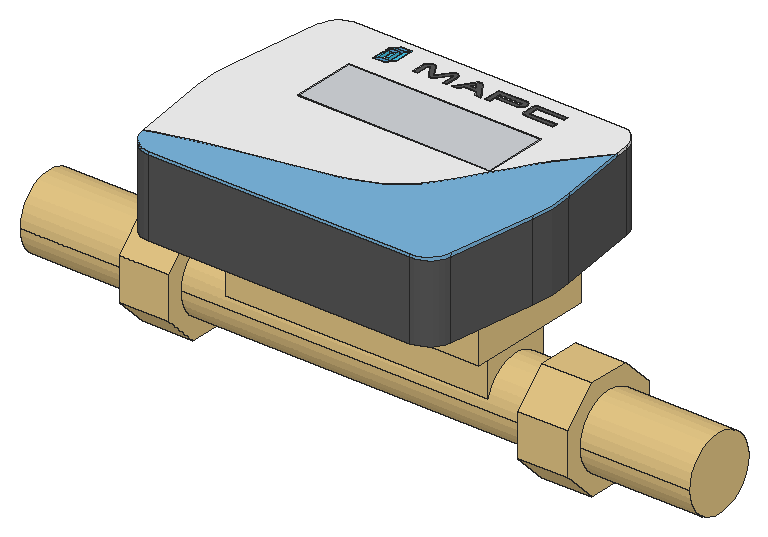
Revit family "DCST_Счетчик тепла ультразвуковой_СТК МАРС NEO У", category Арматура трубопроводов, Revit 2019
Family settings
  Размер круглого соединителя = Использовать диаметр
  Тип детали = Вставляется
  На основе рабочей плоскости = Нет
  Всегда вертикально = Да
  При загрузке вырезать с полостями = Нет
  Общий = Нет
Parameters (values of type "СТК МАРС NEO-20 У Подача")
  УГО_Длина линии = Длина штуцера  # 50 mm
  УГО_Длина = Монтажная длина  # 130 mm
  УГО_Высота = УГО_Длина / 2  # 65 mm
  Тип счетчика [instance] = "ультразвуковой"  # constant formula
  Тип магистрали [instance] = if(Обратная магистраль, "обратная", "подающая")  # "подающая"
  Степень защиты [instance] = "IP65"  # constant formula
  Способ присоединения [instance] = "резьбовое"  # constant formula
  Сегмент товаров [instance] = "Бытовые теплосчетчики"  # constant formula
  Присоединение к трубопроводу [instance] = size_lookup(LT, "G", "", Диаметр условного прохода)  # "1\""
  Предупреждение! [instance] = if(Интерфейс передачи данных = IV, if(and(Диаметр условного прохода = 15 mm, not(Обратная магистраль)), "", "Данный интерфейс можно использовать только для Ду15 на подающей магистрали"), if(and(Диаметр условного прохода = 15 mm, not(Обратная магистраль), Интерфейс передачи данных = RS), "Данный интерфейс нельзя использовать для Ду15 на подающей магистрали", ""))  # ""
  Обратная магистраль = no
  Номинальный (рабочий) расход Qn [instance] = size_lookup(LT, "Qn", "", Диаметр условного прохода, Монтажная длина, ИПД_Код)  # "1.5"
  Номинальное давление [instance] = "16 кгс/см²"  # constant formula
  Наименование линейки [instance] = "СТК МАРС NEO У"  # constant formula
  Модификация оборудования [instance] = size_lookup(LT, "", "", Диаметр условного прохода, Монтажная длина, ИПД_Код)  # "СТК МАРС NEO-20 У П 1,5 M-Bus"
  Минимальный расход Qmin [instance] = size_lookup(LT, "QminC", "", Диаметр условного прохода, Монтажная длина, ИПД_Код)  # "0.03 м3/ч"
  Метрологический класс / класс точности [instance] = "Класс 2"  # constant formula
  Межповерочный интервал [instance] = "6 лет"  # constant formula
  Материал корпуса [instance] = "латунь"  # constant formula
  Максимальный расход Qmax [instance] = size_lookup(LT, "Qmax", "", Диаметр условного прохода, Монтажная длина, ИПД_Код)  # "3 м3/ч"
  Контакты_Разработчик = "support@bimlib.pro"  # constant formula
  Контакты_Производитель = "metronic@decast.com"  # constant formula
  Интерфейс передачи данных [instance] = ♦ : M-Bus
  Изготовитель = "Декаст"  # constant formula
  ИПД_Код [instance] = if(Обратная магистраль, if(Интерфейс передачи данных = MB, 21, if(Интерфейс передачи данных = RS, 20, if(Интерфейс передачи данных = RS4, 24, 0))), if(Диаметр условного прохода = 15 mm, if(Интерфейс передачи данных = MB, 11, if(Интерфейс передачи данных = RS4, 14, if(Интерфейс передачи данных = IV, 13, 0))), if(Интерфейс передачи данных = MB, 11, if(Интерфейс передачи данных = RS4, 14, if(Интерфейс передачи данных = RS, 10, 0)))))  # 11
  w = 116 mm  # constant formula
  s = 90 mm  # constant formula
  Watermark [instance] = "Модели защищены уникальным кодом"
  RS4 = ♦ : RS-485 (протокол M-Bus) + 4 имп.
  MB = ♦ : M-Bus
  IV = ♦ : импульсный выход (открытый коллектор) — только для подачи Ду15
  RS = ♦ : RS-485 (протокол M-Bus)
  Диапазон температуры измеряемой среды [instance] = "от +5 до +105 °C"  # constant formula
  Диаметр условного прохода = 20 mm
  URL = "https://www.decast.com/"
  Размер под ключ = 35 mm
  LT = "СТК МАРС NEO У"  # constant formula
  Длина гаек = 17 mm
  Длина штуцера = 50 mm
  Монтажная длина = 130 mm
  Диаметр штуцера = 25 mm
  D = 25 mm  # constant formula
  ADSK_Наименование [instance] = size_lookup(LT, "Name", "Не найдено: бытовой теплосчетчик", Диаметр условного прохода, Монтажная длина, ИПД_Код)  # "Счетчик тепла бытовой, монтажная длина 130 мм, Qn=1.5, Qmax=3 м3/ч, G 1\", с протоколом M-Bus"
  ADSK_Масса_Текст = ""
  ADSK_Масса [instance] = size_lookup(LT, "M", 0, Диаметр условного прохода, Монтажная длина, ИПД_Код)  # 0.97
  ADSK_Марка [instance] = size_lookup(LT, "", "", Диаметр условного прохода, Монтажная длина, ИПД_Код)  # "СТК МАРС NEO-20 У П 1,5 M-Bus"
  ADSK_Количество = 1  # constant formula
  ADSK_Код изделия [instance] = size_lookup(LT, "Art", "", Диаметр условного прохода, Монтажная длина, ИПД_Код)  # "20-20-416"
  ADSK_Завод-изготовитель = "Декаст"  # constant formula
  ADSK_Единица измерения = "шт."
  ADSK_Диаметр условный = 20 mm
Types (4, lengths in mm): name | УГО_Длина линии | УГО_Длина | УГО_Высота | Тип магистрали | Присоединение к трубопроводу | Обратная магистраль | Номинальный (рабочий) расход Qn | Модификация оборудования | Минимальный расход Qmin | Максимальный расход Qmax | ИПД_Код | Диаметр условного прохода | Размер под ключ | Длина гаек | Длина штуцера | Монтажная длина | Диаметр штуцера | ADSK_Наименование | ADSK_Масса | ADSK_Марка | ADSK_Код изделия | ADSK_Диаметр условный
  СТК МАРС NEO-15 У Подача | 40 | 110 | 55 | "подающая" | "3/4\"" | no | "0.6" | "СТК МАРС NEO-15 У П 0,6 M-Bus" | "0.012 м3/ч" | "1.2 м3/ч" | 11 | 15 | 30 | 14 | 40 | 110 | 18 | "Счетчик тепла бытовой, монтажная длина 110 мм, Qn=0.6, Qmax=1.2 м3/ч, G 3/4\", с протоколом M-Bus" | 0.9 | "СТК МАРС NEO-15 У П 0,6 M-Bus" | "20-15-322" | 15
  СТК МАРС NEO-15 У Обратка | 40 | 110 | 55 | "обратная" | "3/4\"" | yes | "0.6" | "СТК МАРС NEO-15 У О 0,6 M-Bus" | "0.012 м3/ч" | "1.2 м3/ч" | 21 | 15 | 30 | 14 | 40 | 110 | 18 | "Счетчик тепла бытовой, монтажная длина 110 мм, Qn=0.6, Qmax=1.2 м3/ч, G 3/4\", с протоколом M-Bus" | 0.9 | "СТК МАРС NEO-15 У О 0,6 M-Bus" | "20-15-185" | 15
  СТК МАРС NEO-20 У Подача | 50 | 130 | 65 | "подающая" | "1\"" | no | "1.5" | "СТК МАРС NEO-20 У П 1,5 M-Bus" | "0.03 м3/ч" | "3 м3/ч" | 11 | 20 | 35 | 17 | 50 | 130 | 25 | "Счетчик тепла бытовой, монтажная длина 130 мм, Qn=1.5, Qmax=3 м3/ч, G 1\", с протоколом M-Bus" | 0.97 | "СТК МАРС NEO-20 У П 1,5 M-Bus" | "20-20-416" | 20
  СТК МАРС NEO-20 У Обратка | 50 | 130 | 65 | "обратная" | "1\"" | yes | "1.5" | "СТК МАРС NEO-20 У О 1,5 M-Bus" | "0.03 м3/ч" | "3 м3/ч" | 21 | 20 | 35 | 17 | 50 | 130 | 25 | "Счетчик тепла бытовой, монтажная длина 130 мм, Qn=1.5, Qmax=3 м3/ч, G 1\", с протоколом M-Bus" | 0.97 | "СТК МАРС NEO-20 У О 1,5 M-Bus" | "20-20-417" | 20
Reference planes
  plane 1 "По центру (Вперед/Назад)": y = 0
  plane 2: z = 0
  plane 3 "По центру (Влево/Вправо)": x = 0
  plane 4: x = -65
  plane 5: x = 65
  plane 6: x = -115
  plane 7: x = 115
  plane 8: x = -60
  plane 9: x = -77
  plane 10: x = 60
  plane 11: x = 77
  plane 12: x = -58
  plane 13: x = 58
  plane 14: y = 45
  plane 15: y = -45
Forms (mm)
  Extrusion 1, solid, material "Латунь", detail levels fine
    sketch origin (0, 0, 0) x (0, 1, 0) y (0, 0, 1)
      loop
        line (-17.5, -7.249) -> (-7.249, -17.5) -> (7.249, -17.5) -> (17.5, -7.249) -> (17.5, 7.249) -> (7.249, 17.5) -> (-7.249, 17.5) -> (-17.5, 7.249) -> (-17.5, -7.249)
    from -77 to -60
  Extrusion 2, solid, material "Латунь", detail levels fine
    sketch origin (0, 0, 0) x (0, 1, 0) y (0, 0, 1)
      loop
        line (-7.249, 17.5) -> (-17.5, 7.249) -> (-17.5, -7.249) -> (-7.249, -17.5) -> (7.249, -17.5) -> (17.5, -7.249) -> (17.5, 7.249) -> (7.249, 17.5) -> (-7.249, 17.5)
    from 60 to 77
  Extrusion 3, solid, material "Латунь", detail levels fine
    sketch origin (0, 0, 0) x (0, 1, 0) y (0, 0, 1)
      loop
        circle (0, 0) r 12.5
    from -115 to -77
  Extrusion 4, solid, material "Латунь", detail levels fine
    sketch origin (0, 0, 0) x (0, 1, 0) y (0, 0, 1)
      loop
        circle (0, 0) r 12.5
    from 77 to 115
  Extrusion 5, solid, material "Латунь", detail levels fine
    sketch origin (0, 0, 0) x (0, 1, 0) y (0, 0, 1)
      loop
        circle (0, 0) r 12.5
    from -60 to 60
  Extrusion 6, solid, material "Пластик черный", detail levels fine
    sketch origin (0, 0, 0) x (1, 0, 0) y (0, 1, 0)
      loop
        arc (-44.655, 45) -> (-50.194, 42.937) -> (-53.036, 37.753) r 8.47
        line (-53.036, 37.753) -> (-57.45, 7.506)
        arc (-57.45, 7.506) -> (-58.017, -0.298) -> (-57.45, -8.102) r 54.035
        line (-57.45, -8.102) -> (-53.123, -37.753)
        arc (-53.123, -37.753) -> (-50.281, -42.937) -> (-44.742, -45) r 8.47
        line (-44.742, -45) -> (44.742, -45)
        arc (44.742, -45) -> (50.281, -42.937) -> (53.123, -37.753) r 8.47
        line (53.123, -37.753) -> (57.45, -8.102)
        arc (57.45, -8.102) -> (58.017, -0.298) -> (57.45, 7.506) r 54.035
        line (57.45, 7.506) -> (53.036, 37.753)
        arc (53.036, 37.753) -> (50.194, 42.937) -> (44.655, 45) r 8.47
        line (44.655, 45) -> (-44.655, 45)
    from 35 to 61.5
  Extrusion 7, void
    sketch origin (0, 0, 61.5) x (0, 1, 0) y (1, 0, 0)
      loop
        line (4, -33) -> (26, -33) -> (26, 33) -> (4, 33) -> (4, -33)
    from 0 to -1
  Extrusion 8, solid, material "Пластик черный", detail levels fine
    sketch origin (0, 0, 61.5) x (1, 0, 0) y (0, 1, 0)
      loop
        line (-8.963, 39.249) -> (-11.354, 35.448) -> (-13.745, 39.249)
        arc (-13.745, 39.249) -> (-15.843, 39.956) -> (-17.152, 38.168) r 1.875
        line (-17.152, 38.168) -> (-17.152, 33.801) -> (-15.632, 33.801) -> (-15.632, 38.008)
        arc (-15.632, 38.008) -> (-15.428, 38.319) -> (-15.061, 38.255) r 0.339
        line (-15.061, 38.255) -> (-12.285, 34.285)
        arc (-12.285, 34.285) -> (-11.337, 33.832) -> (-10.39, 34.288) r 1.216
        line (-10.39, 34.288) -> (-7.614, 38.258)
        arc (-7.614, 38.258) -> (-7.247, 38.321) -> (-7.043, 38.01) r 0.339
        line (-7.043, 38.01) -> (-7.043, 33.803) -> (-5.556, 33.803) -> (-5.556, 38.168)
        arc (-5.556, 38.168) -> (-6.865, 39.956) -> (-8.963, 39.249) r 1.875
      loop
        line (-2.053, 33.878) -> (-0.983, 35.462) -> (1.035, 35.462) -> (3.054, 35.462) -> (4.124, 33.88) -> (6.161, 33.88) -> (1.983, 39.614)
        arc (1.983, 39.614) -> (1.035, 40.067) -> (0.088, 39.611) r 1.216
        line (0.088, 39.611) -> (-4.09, 33.878) -> (-2.053, 33.878)
      loop
        line (0, 37.115) -> (1.752, 37.115) -> (0.876, 38.346) -> (0, 37.115)
      loop
        arc (16.798, 36.024) -> (18.648, 37.874) -> (16.798, 39.725) r 1.85
        line (16.798, 39.725) -> (7.388, 39.725) -> (7.388, 33.88) -> (9.226, 33.88) -> (9.226, 38.141) -> (16.724, 38.141) -> (16.724, 37.326) -> (9.967, 37.326) -> (9.967, 36.024) -> (16.798, 36.024)
      loop
        line (21.67, 33.439) -> (31.112, 33.439) -> (31.112, 34.993) -> (21.864, 34.993) -> (21.864, 36.612) -> (21.864, 38.231) -> (31.112, 38.231) -> (31.112, 39.785) -> (21.67, 39.785)
        arc (21.67, 39.785) -> (20.556, 39.323) -> (20.095, 38.209) r 1.576
        line (20.095, 38.209) -> (20.095, 36.612) -> (20.095, 35.015)
        arc (20.095, 35.015) -> (20.556, 33.901) -> (21.67, 33.439) r 1.576
    from 0 to 1
  Extrusion 9, solid, material "RGB_RAL 9003 (Белый сигнальный)", detail levels fine
    sketch origin (0, 0, 61.5) x (1, 0, 0) y (0, 1, 0)
      loop
        line (53.792, 32.569) -> (53.036, 37.753)
        arc (53.036, 37.753) -> (50.194, 42.937) -> (44.655, 45) r 8.47
        line (44.655, 45) -> (-44.655, 45)
        arc (-44.655, 45) -> (-50.194, 42.937) -> (-53.036, 37.753) r 8.47
        line (-53.036, 37.753) -> (-57.45, 7.506)
        arc (-57.45, 7.506) -> (-58.017, -0.298) -> (-57.45, -8.102) r 54.035
        line (-57.45, -8.102) -> (-53.299, -36.549)
        spline (-53.299, -36.549) -> (-42.516, -33.13) -> (-31.457, -30.64) -> (-20.371, -28.486) -> (-9.244, -26.405) -> (1.992, -24.188) -> (12.737, -20.621) -> (21.962, -14.12) -> (28.514, -4.908) -> (34.21, 4.897) -> (40.14, 14.523) -> (46.688, 23.749) -> (53.792, 32.569)
      loop
        line (-30.134, 32.858) -> (-26.276, 32.858) -> (-24.168, 35.372) -> (-24.168, 42.033) -> (-27.995, 42.033) -> (-30.134, 39.485) -> (-30.134, 38.198) -> (-29.055, 38.198) -> (-30.134, 36.912) -> (-30.134, 32.858)
      loop
        arc (-13.745, 39.249) -> (-15.843, 39.956) -> (-17.152, 38.168) r 1.875
        line (-17.152, 38.168) -> (-17.152, 33.801) -> (-15.632, 33.801) -> (-15.632, 38.008)
        arc (-15.632, 38.008) -> (-15.428, 38.319) -> (-15.061, 38.255) r 0.339
        line (-15.061, 38.255) -> (-12.285, 34.285)
        arc (-12.285, 34.285) -> (-11.337, 33.832) -> (-10.39, 34.288) r 1.216
        line (-10.39, 34.288) -> (-7.614, 38.258)
        arc (-7.614, 38.258) -> (-7.247, 38.321) -> (-7.043, 38.01) r 0.339
        line (-7.043, 38.01) -> (-7.043, 33.803) -> (-5.556, 33.803) -> (-5.556, 38.168)
        arc (-5.556, 38.168) -> (-6.865, 39.956) -> (-8.963, 39.249) r 1.875
        line (-8.963, 39.249) -> (-11.354, 35.448) -> (-13.745, 39.249)
      loop
        line (-2.053, 33.878) -> (-0.983, 35.462) -> (1.035, 35.462) -> (3.054, 35.462) -> (4.124, 33.88) -> (6.161, 33.88) -> (1.983, 39.614)
        arc (1.983, 39.614) -> (1.035, 40.067) -> (0.088, 39.611) r 1.216
        line (0.088, 39.611) -> (-4.09, 33.878) -> (-2.053, 33.878)
      loop
        line (1.752, 37.115) -> (0.876, 38.346) -> (0, 37.115) -> (1.752, 37.115)
      loop
        arc (16.798, 36.024) -> (18.648, 37.874) -> (16.798, 39.725) r 1.85
        line (16.798, 39.725) -> (7.388, 39.725) -> (7.388, 33.88) -> (9.226, 33.88) -> (9.226, 38.141) -> (16.724, 38.141) -> (16.724, 37.326) -> (9.967, 37.326) -> (9.967, 36.024) -> (16.798, 36.024)
      loop
        line (31.112, 39.785) -> (21.67, 39.785)
        arc (21.67, 39.785) -> (20.556, 39.323) -> (20.095, 38.209) r 1.576
        line (20.095, 38.209) -> (20.095, 36.612) -> (20.095, 35.015)
        arc (20.095, 35.015) -> (20.556, 33.901) -> (21.67, 33.439) r 1.576
        line (21.67, 33.439) -> (31.112, 33.439) -> (31.112, 34.993) -> (21.864, 34.993) -> (21.864, 36.612) -> (21.864, 38.231) -> (31.112, 38.231) -> (31.112, 39.785)
    from 0 to 1
  Extrusion 10, solid, material "Декаст_СТК МАРС NEO", detail levels fine
    sketch origin (0, 0, 61.5) x (1, 0, 0) y (0, 1, 0)
      loop
        line (-53.299, -36.549) -> (-53.123, -37.753)
        arc (-53.123, -37.753) -> (-50.281, -42.937) -> (-44.742, -45) r 8.47
        line (-44.742, -45) -> (44.742, -45)
        arc (44.742, -45) -> (50.281, -42.937) -> (53.123, -37.753) r 8.47
        line (53.123, -37.753) -> (57.45, -8.102)
        arc (57.45, -8.102) -> (58.017, -0.298) -> (57.45, 7.506) r 54.035
        line (57.45, 7.506) -> (53.792, 32.569)
        spline (53.792, 32.569) -> (46.688, 23.749) -> (40.14, 14.523) -> (34.21, 4.897) -> (28.514, -4.908) -> (21.962, -14.12) -> (12.737, -20.621) -> (1.992, -24.188) -> (-9.244, -26.405) -> (-20.371, -28.486) -> (-31.457, -30.64) -> (-42.516, -33.13) -> (-53.299, -36.549)
    from 0 to 1
  Extrusion 11, solid, detail levels fine
    sketch origin (0, 0, 61.5) x (1, 0, 0) y (0, 1, 0)
      loop
        line (-33, 26) -> (-33, 4) -> (33, 4) -> (33, 26) -> (-33, 26)
    from 1 to 0
  Extrusion 12, solid, material "Латунь", detail levels fine
    sketch origin (0, 0, 0) x (1, 0, 0) y (0, 1, 0)
      loop
        line (-45, 12) -> (-45, -12) -> (45, -12) -> (45, 12) -> (-45, 12)
    from 0 to 20
  Extrusion 13, solid, material "Латунь", detail levels fine
    sketch origin (0, 80, 0) x (1, 0, 0) y (0, 1, 0)
      loop
        line (-50, -58) -> (-50, -102) -> (50, -102) -> (50, -58) -> (-50, -58)
    from 20 to 35
Cuts and joins
  Extrusion 7 cuts Extrusion 6
  Extrusion 7 cuts Extrusion 9
  joined: Extrusion 5, Extrusion 12
Lines and regions (mm)
  model lines, style "PipeAccessory", detail levels fine
    curve 1: circle (1.919, 11.637, 62.5) r 0.413 normal (0, 0, 1)
    curve 2: line (-1.822, 19.382, 62.5) -> (0.64, 19.382, 62.5)
    curve 3: line (0.64, 19.382, 62.5) -> (0.14, 18.768, 62.5)
    curve 4: line (0.14, 18.768, 62.5) -> (-1.504, 18.768, 62.5)
    curve 5: line (-1.504, 18.768, 62.5) -> (-1.822, 19.382, 62.5)
    curve 6: line (-2.329, 18.907, 62.5) -> (-2.613, 15.668, 62.5)
    curve 7: line (-2.613, 15.668, 62.5) -> (-1.978, 16.109, 62.5)
    curve 8: line (-1.978, 16.109, 62.5) -> (-1.782, 18.196, 62.5)
    curve 9: line (-1.782, 18.196, 62.5) -> (-2.329, 18.907, 62.5)
    curve 10: line (-2.664, 15.082, 62.5) -> (-2.946, 11.86, 62.5)
    curve 11: line (-2.946, 11.86, 62.5) -> (-2.302, 12.273, 62.5)
    curve 12: line (-2.302, 12.273, 62.5) -> (-2.106, 14.36, 62.5)
    curve 13: line (-2.106, 14.36, 62.5) -> (-2.664, 15.082, 62.5)
    curve 14: line (0.789, 18.635, 62.5) -> (0.509, 15.396, 62.5)
    curve 15: line (0.509, 15.396, 62.5) -> (-0.041, 15.941, 62.5)
    curve 16: line (-0.041, 15.941, 62.5) -> (0.127, 18.03, 62.5)
    curve 17: line (0.127, 18.03, 62.5) -> (0.789, 18.635, 62.5)
    curve 18: line (0.458, 14.811, 62.5) -> (0.179, 11.588, 62.5)
    curve 19: line (0.179, 11.588, 62.5) -> (-0.383, 12.106, 62.5)
    curve 20: line (-0.383, 12.106, 62.5) -> (-0.216, 14.195, 62.5)
    curve 21: line (-0.216, 14.195, 62.5) -> (0.458, 14.811, 62.5)
    curve 22: line (-2.683, 11.382, 62.5) -> (-0.089, 11.338, 62.5)
    curve 23: line (-0.089, 11.338, 62.5) -> (-0.55, 11.981, 62.5)
    curve 24: line (-0.55, 11.981, 62.5) -> (-2.237, 11.996, 62.5)
    curve 25: line (-2.237, 11.996, 62.5) -> (-2.683, 11.382, 62.5)
    curve 26: line (4.797, 19.406, 62.5) -> (7.258, 19.406, 62.5)
    curve 27: line (7.258, 19.406, 62.5) -> (6.758, 18.792, 62.5)
    curve 28: line (6.758, 18.792, 62.5) -> (5.115, 18.792, 62.5)
    curve 29: line (5.115, 18.792, 62.5) -> (4.797, 19.406, 62.5)
    curve 30: line (4.289, 18.931, 62.5) -> (4.006, 15.692, 62.5)
    curve 31: line (4.006, 15.692, 62.5) -> (4.64, 16.134, 62.5)
    curve 32: line (4.64, 16.134, 62.5) -> (4.837, 18.22, 62.5)
    curve 33: line (4.837, 18.22, 62.5) -> (4.289, 18.931, 62.5)
    curve 34: line (3.954, 15.107, 62.5) -> (3.672, 11.884, 62.5)
    curve 35: line (3.672, 11.884, 62.5) -> (4.316, 12.298, 62.5)
    curve 36: line (4.316, 12.298, 62.5) -> (4.512, 14.384, 62.5)
    curve 37: line (4.512, 14.384, 62.5) -> (3.954, 15.107, 62.5)
    curve 38: line (7.407, 18.66, 62.5) -> (7.127, 15.421, 62.5)
    curve 39: line (7.127, 15.421, 62.5) -> (6.578, 15.965, 62.5)
    curve 40: line (6.578, 15.965, 62.5) -> (6.745, 18.054, 62.5)
    curve 41: line (6.745, 18.054, 62.5) -> (7.407, 18.66, 62.5)
    curve 42: line (7.076, 14.835, 62.5) -> (6.797, 11.613, 62.5)
    curve 43: line (6.797, 11.613, 62.5) -> (6.235, 12.131, 62.5)
    curve 44: line (6.235, 12.131, 62.5) -> (6.402, 14.22, 62.5)
    curve 45: line (6.402, 14.22, 62.5) -> (7.076, 14.835, 62.5)
    curve 46: line (3.935, 11.406, 62.5) -> (6.529, 11.362, 62.5)
    curve 47: line (6.529, 11.362, 62.5) -> (6.068, 12.006, 62.5)
    curve 48: line (6.068, 12.006, 62.5) -> (4.381, 12.021, 62.5)
    curve 49: line (4.381, 12.021, 62.5) -> (3.935, 11.406, 62.5)
    curve 50: line (11.045, 19.081, 62.5) -> (13.506, 19.081, 62.5)
    curve 51: line (13.506, 19.081, 62.5) -> (13.006, 18.467, 62.5)
    curve 52: line (13.006, 18.467, 62.5) -> (11.363, 18.467, 62.5)
    curve 53: line (11.363, 18.467, 62.5) -> (11.045, 19.081, 62.5)
    curve 54: line (10.537, 18.606, 62.5) -> (10.254, 15.368, 62.5)
    curve 55: line (10.254, 15.368, 62.5) -> (10.889, 15.809, 62.5)
    curve 56: line (10.889, 15.809, 62.5) -> (11.085, 17.895, 62.5)
    curve 57: line (11.085, 17.895, 62.5) -> (10.537, 18.606, 62.5)
    curve 58: line (10.203, 14.782, 62.5) -> (9.921, 11.56, 62.5)
    curve 59: line (9.921, 11.56, 62.5) -> (10.564, 11.973, 62.5)
    curve 60: line (10.564, 11.973, 62.5) -> (10.76, 14.059, 62.5)
    curve 61: line (10.76, 14.059, 62.5) -> (10.203, 14.782, 62.5)
    curve 62: line (13.655, 18.335, 62.5) -> (13.375, 15.096, 62.5)
    curve 63: line (13.375, 15.096, 62.5) -> (12.826, 15.64, 62.5)
    curve 64: line (12.826, 15.64, 62.5) -> (12.993, 17.729, 62.5)
    curve 65: line (12.993, 17.729, 62.5) -> (13.655, 18.335, 62.5)
    curve 66: line (13.324, 14.51, 62.5) -> (13.045, 11.288, 62.5)
    curve 67: line (13.045, 11.288, 62.5) -> (12.483, 11.806, 62.5)
    curve 68: line (12.483, 11.806, 62.5) -> (12.65, 13.895, 62.5)
    curve 69: line (12.65, 13.895, 62.5) -> (13.324, 14.51, 62.5)
    curve 70: line (10.183, 11.082, 62.5) -> (12.777, 11.038, 62.5)
    curve 71: line (12.777, 11.038, 62.5) -> (12.316, 11.681, 62.5)
    curve 72: line (12.316, 11.681, 62.5) -> (10.629, 11.696, 62.5)
    curve 73: line (10.629, 11.696, 62.5) -> (10.183, 11.082, 62.5)
    curve 74: line (17.329, 19.153, 62.5) -> (19.791, 19.153, 62.5)
    curve 75: line (19.791, 19.153, 62.5) -> (19.291, 18.54, 62.5)
    curve 76: line (19.291, 18.54, 62.5) -> (17.647, 18.54, 62.5)
    curve 77: line (17.647, 18.54, 62.5) -> (17.329, 19.153, 62.5)
    curve 78: line (16.821, 18.679, 62.5) -> (16.538, 15.44, 62.5)
    curve 79: line (16.538, 15.44, 62.5) -> (17.173, 15.881, 62.5)
    curve 80: line (17.173, 15.881, 62.5) -> (17.369, 17.968, 62.5)
    curve 81: line (17.369, 17.968, 62.5) -> (16.821, 18.679, 62.5)
    curve 82: line (16.487, 14.854, 62.5) -> (16.205, 11.632, 62.5)
    curve 83: line (16.205, 11.632, 62.5) -> (16.849, 12.045, 62.5)
    curve 84: line (16.849, 12.045, 62.5) -> (17.045, 14.131, 62.5)
    curve 85: line (17.045, 14.131, 62.5) -> (16.487, 14.854, 62.5)
    curve 86: line (19.94, 18.407, 62.5) -> (19.659, 15.168, 62.5)
    curve 87: line (19.659, 15.168, 62.5) -> (19.11, 15.713, 62.5)
    curve 88: line (19.11, 15.713, 62.5) -> (19.277, 17.802, 62.5)
    curve 89: line (19.277, 17.802, 62.5) -> (19.94, 18.407, 62.5)
    curve 90: line (19.609, 14.583, 62.5) -> (19.33, 11.36, 62.5)
    curve 91: line (19.33, 11.36, 62.5) -> (18.767, 11.878, 62.5)
    curve 92: line (18.767, 11.878, 62.5) -> (18.934, 13.967, 62.5)
    curve 93: line (18.934, 13.967, 62.5) -> (19.609, 14.583, 62.5)
    curve 94: line (16.468, 11.154, 62.5) -> (19.062, 11.11, 62.5)
    curve 95: line (19.062, 11.11, 62.5) -> (18.6, 11.753, 62.5)
    curve 96: line (18.6, 11.753, 62.5) -> (16.914, 11.768, 62.5)
    curve 97: line (16.914, 11.768, 62.5) -> (16.468, 11.154, 62.5)
Dimensions and locks
  equal spacing: plane 4, plane 3 "По центру (Влево/Вправо)", plane 5
  "Монтажная длина": plane 4 to plane 5
  locked: plane 8 to plane 4 at 5
  locked: plane 10 to plane 5 at 5
  equal spacing: Extrusion 1 sketch curve, level, Extrusion 1 sketch curve
  "Размер под ключ": Extrusion 1 sketch curve to Extrusion 1 sketch curve  (x4)
  equal spacing: Extrusion 1 sketch curve, plane 1 "По центру (Вперед/Назад)", Extrusion 1 sketch curve  (x3)
  equal spacing: Extrusion 2 sketch curve, level, Extrusion 2 sketch curve
  "Размер под ключ": Extrusion 2 sketch curve to Extrusion 2 sketch curve  (x4)
  equal spacing: Extrusion 2 sketch curve, plane 1 "По центру (Вперед/Назад)", Extrusion 2 sketch curve  (x3)
  "Длина гаек": plane 8 to plane 9
  "Длина гаек": plane 10 to plane 11
  "Длина штуцера": plane 6 to plane 4
  "Длина штуцера": plane 5 to plane 7
  equal spacing: plane 14, plane 1 "По центру (Вперед/Назад)", plane 15
  "s": plane 14 to plane 15
  equal spacing: plane 12, plane 3 "По центру (Влево/Вправо)", plane 13
  "w": plane 12 to plane 13
  Extrusion 7 sketch curve to plane 3 "По центру (Влево/Вправо)" = 33 mm
  plane 3 "По центру (Влево/Вправо)" to Extrusion 7 sketch curve = 33 mm
  plane 1 "По центру (Вперед/Назад)" to Extrusion 7 sketch curve = 4 mm
  plane 1 "По центру (Вперед/Назад)" to Extrusion 7 sketch curve = 26 mm
  Extrusion 6 to Extrusion 1 = 79 mm
  Extrusion 12 sketch curve to plane 3 "По центру (Влево/Вправо)" = 45 mm
  plane 1 "По центру (Вперед/Назад)" to Extrusion 12 sketch curve = 12 mm
  Extrusion 12 sketch curve to plane 1 "По центру (Вперед/Назад)" = 12 mm
  plane 3 "По центру (Влево/Вправо)" to Extrusion 12 sketch curve = 45 mm
  "Диаметр штуцера": diameter of Extrusion 3 sketch curve
  "Диаметр штуцера": diameter of Extrusion 4 sketch curve
  "D": diameter of Extrusion 5 sketch curve
  angle Extrusion 1 sketch curve to Extrusion 1 sketch curve = 135.00°  (x8)
  angle Extrusion 2 sketch curve to Extrusion 2 sketch curve = 135.00°  (x8)
  aligned and locked: level to plane 2
  aligned and locked: plane 8 to Extrusion 1
  aligned and locked: Extrusion 1 to plane 9
  aligned and locked: plane 10 to Extrusion 2
  aligned and locked: Extrusion 2 to plane 11
  aligned and locked: plane 1 "По центру (Вперед/Назад)" to Extrusion 3 sketch curve
  aligned and locked: level to Extrusion 3 sketch curve
  aligned and locked: level to Extrusion 4 sketch curve
  aligned and locked: plane 1 "По центру (Вперед/Назад)" to Extrusion 4 sketch curve
  aligned and locked: plane 11 to Extrusion 4
  aligned and locked: Extrusion 4 to plane 7
  aligned and locked: plane 9 to Extrusion 3
  aligned and locked: Extrusion 3 to plane 6
  aligned and locked: plane 3 "По центру (Влево/Вправо)" to nested 1
  aligned and locked: nested 1 to level
  aligned and locked: plane 3 "По центру (Влево/Вправо)" to nested 2
  aligned and locked: plane 1 "По центру (Вперед/Назад)" to nested 2
  aligned and locked: Extrusion 5 to plane 8
  aligned and locked: Extrusion 5 to plane 10
Automatic sketch dimensions
  Extrusion 6 sketch curve to Extrusion 6 sketch curve = 8.381 mm  (x4)
  Extrusion 6 sketch curve to Extrusion 6 sketch curve = 8.47 mm
  Extrusion 8 sketch curve to Extrusion 6 = 11.199 mm
  Extrusion 8 sketch curve to Extrusion 6 = 36.079 mm
  Extrusion 8 sketch curve to Extrusion 8 sketch curve = 1.519 mm
  Extrusion 8 sketch curve to Extrusion 8 sketch curve = 0.339 mm  (x2)
  Extrusion 8 sketch curve to Extrusion 8 sketch curve = 0.016 mm  (x2)
  Extrusion 8 sketch curve to Extrusion 6 = 6.745 mm
  Extrusion 8 sketch curve to Extrusion 8 sketch curve = 0.216 mm
  Extrusion 8 sketch curve to Extrusion 6 = 5.751 mm  (x2)
  Extrusion 8 sketch curve to Extrusion 8 sketch curve = 1.317 mm
  Extrusion 8 sketch curve to Extrusion 6 = 10.715 mm
  Extrusion 8 sketch curve to Extrusion 8 sketch curve = 3.347 mm
  Extrusion 8 sketch curve to Extrusion 6 = 9.552 mm
  Extrusion 8 sketch curve to Extrusion 8 sketch curve = 0.931 mm
  Extrusion 8 sketch curve to Extrusion 6 = 10.712 mm
  Extrusion 8 sketch curve to Extrusion 8 sketch curve = 0.948 mm
  Extrusion 8 sketch curve to Extrusion 8 sketch curve = 2.391 mm
  Extrusion 8 sketch curve to Extrusion 6 = 6.742 mm
  Extrusion 8 sketch curve to Extrusion 8 sketch curve = 1.35 mm
  Extrusion 8 sketch curve to Extrusion 8 sketch curve = 0.183 mm
  Extrusion 8 sketch curve to Extrusion 8 sketch curve = 0.049 mm
  Extrusion 8 sketch curve to Extrusion 8 sketch curve = 1.486 mm
  Extrusion 8 sketch curve to Extrusion 8 sketch curve = 1.466 mm
  Extrusion 8 sketch curve to Extrusion 8 sketch curve = 2.037 mm  (x2)
  Extrusion 8 sketch curve to Extrusion 8 sketch curve = 1.07 mm  (x2)
  Extrusion 8 sketch curve to Extrusion 6 = 7.885 mm
  Extrusion 8 sketch curve to Extrusion 8 sketch curve = 0.983 mm
  Extrusion 8 sketch curve to Extrusion 6 = 5.389 mm
  Extrusion 8 sketch curve to Extrusion 8 sketch curve = 0.088 mm
  Extrusion 8 sketch curve to Extrusion 6 = 6.654 mm
  Extrusion 8 sketch curve to Extrusion 8 sketch curve = 0.788 mm
  Extrusion 8 sketch curve to Extrusion 8 sketch curve = 1.035 mm
  Extrusion 8 sketch curve to Extrusion 8 sketch curve = 0.16 mm
  Extrusion 8 sketch curve to Extrusion 8 sketch curve = 0.876 mm
  Extrusion 8 sketch curve to Extrusion 6 = 5.386 mm
  Extrusion 8 sketch curve to Extrusion 8 sketch curve = 0.947 mm
  Extrusion 8 sketch curve to Extrusion 8 sketch curve = 2.02 mm
  Extrusion 8 sketch curve to Extrusion 6 = 11.12 mm
  Extrusion 8 sketch curve to Extrusion 8 sketch curve = 5.405 mm
  Extrusion 8 sketch curve to Extrusion 8 sketch curve = 1.837 mm
  Extrusion 8 sketch curve to Extrusion 8 sketch curve = 0.741 mm
  Extrusion 8 sketch curve to Extrusion 8 sketch curve = 6.757 mm
  Extrusion 8 sketch curve to Extrusion 8 sketch curve = 0.074 mm
  Extrusion 8 sketch curve to Extrusion 8 sketch curve = 3.297 mm
  Extrusion 8 sketch curve to Extrusion 8 sketch curve = 1.576 mm  (x2)
  Extrusion 8 sketch curve to Extrusion 8 sketch curve = 0.194 mm
  Extrusion 8 sketch curve to Extrusion 8 sketch curve = 9.248 mm
  Extrusion 8 sketch curve to Extrusion 8 sketch curve = 0 mm  (x2)
  Extrusion 8 sketch curve to Extrusion 6 = 11.561 mm
  Extrusion 8 sketch curve to Extrusion 8 sketch curve = 4.365 mm
  Extrusion 8 sketch curve to Extrusion 8 sketch curve = 0.075 mm
  Extrusion 8 sketch curve to Extrusion 8 sketch curve = 0.022 mm
  Extrusion 8 sketch curve to Extrusion 8 sketch curve = 1.582 mm
  Extrusion 8 sketch curve to Extrusion 8 sketch curve = 2.144 mm
  Extrusion 8 sketch curve to Extrusion 8 sketch curve = 1.597 mm  (x3)
  Extrusion 8 sketch curve to Extrusion 8 sketch curve = 1.302 mm
  Extrusion 8 sketch curve to Extrusion 8 sketch curve = 0.548 mm
  Extrusion 8 sketch curve to Extrusion 8 sketch curve = 0.267 mm
  Extrusion 8 sketch curve to Extrusion 8 sketch curve = 1.554 mm
  Extrusion 6 to Extrusion 9 sketch curve = 0 mm
  Extrusion 9 sketch curve to Extrusion 6 = 0 mm  (x2)
  Extrusion 9 sketch curve to Extrusion 6 = 11.122 mm
  Extrusion 9 sketch curve to Extrusion 9 sketch curve = 0.109 mm
  Extrusion 9 sketch curve to Extrusion 9 sketch curve = 1.466 mm
  Extrusion 9 sketch curve to Extrusion 9 sketch curve = 1.486 mm
  Extrusion 9 sketch curve to Extrusion 9 sketch curve = 0.339 mm
  Extrusion 9 sketch curve to Extrusion 9 sketch curve = 0.049 mm
  Extrusion 9 sketch curve to Extrusion 6 = 6.742 mm
  Extrusion 9 sketch curve to Extrusion 9 sketch curve = 0.183 mm
  Extrusion 9 sketch curve to Extrusion 6 = 5.751 mm  (x2)
  Extrusion 9 sketch curve to Extrusion 9 sketch curve = 1.35 mm
  Extrusion 9 sketch curve to Extrusion 6 = 10.712 mm
  Extrusion 9 sketch curve to Extrusion 9 sketch curve = 3.347 mm  (x2)
  Extrusion 9 sketch curve to Extrusion 9 sketch curve = 0.948 mm
  Extrusion 9 sketch curve to Extrusion 6 = 9.552 mm
  Extrusion 9 sketch curve to Extrusion 9 sketch curve = 0.016 mm  (x2)
  Extrusion 9 sketch curve to Extrusion 6 = 10.715 mm
  Extrusion 9 sketch curve to Extrusion 9 sketch curve = 0.947 mm  (x2)
  Extrusion 9 sketch curve to Extrusion 9 sketch curve = 2.391 mm
  Extrusion 9 sketch curve to Extrusion 6 = 6.745 mm
  Extrusion 9 sketch curve to Extrusion 9 sketch curve = 1.317 mm
  Extrusion 9 sketch curve to Extrusion 9 sketch curve = 0.216 mm
  Extrusion 9 sketch curve to Extrusion 9 sketch curve = 1.519 mm
  Extrusion 9 sketch curve to Extrusion 9 sketch curve = 7.016 mm
  Extrusion 9 sketch curve to Extrusion 6 = 12.142 mm
  Extrusion 9 sketch curve to Extrusion 9 sketch curve = 2.109 mm
  Extrusion 9 sketch curve to Extrusion 6 = 2.967 mm
  Extrusion 9 sketch curve to Extrusion 9 sketch curve = 3.827 mm
  Extrusion 9 sketch curve to Extrusion 9 sketch curve = 1.06 mm
  Extrusion 9 sketch curve to Extrusion 6 = 5.515 mm
  Extrusion 9 sketch curve to Extrusion 9 sketch curve = 1.079 mm
  Extrusion 9 sketch curve to Extrusion 6 = 8.088 mm
  Extrusion 9 sketch curve to Extrusion 9 sketch curve = 0 mm  (x3)
  Extrusion 9 sketch curve to Extrusion 9 sketch curve = 14.521 mm
  Extrusion 9 sketch curve to Extrusion 6 = 7.247 mm  (x2)
  Extrusion 9 sketch curve to Extrusion 6 = 8.451 mm
  Extrusion 9 sketch curve to Extrusion 6 = 37.494 mm
  Extrusion 9 sketch curve to Extrusion 6 = 36.898 mm
  Extrusion 9 sketch curve to Extrusion 9 sketch curve = 2.037 mm  (x2)
  Extrusion 9 sketch curve to Extrusion 9 sketch curve = 1.07 mm  (x2)
  Extrusion 9 sketch curve to Extrusion 6 = 7.885 mm
  Extrusion 9 sketch curve to Extrusion 9 sketch curve = 0.983 mm
  Extrusion 9 sketch curve to Extrusion 6 = 5.389 mm
  Extrusion 9 sketch curve to Extrusion 9 sketch curve = 0.088 mm
  Extrusion 9 sketch curve to Extrusion 6 = 6.654 mm
  Extrusion 9 sketch curve to Extrusion 9 sketch curve = 0.788 mm
  Extrusion 9 sketch curve to Extrusion 9 sketch curve = 1.035 mm
  Extrusion 9 sketch curve to Extrusion 9 sketch curve = 0.16 mm
  Extrusion 9 sketch curve to Extrusion 9 sketch curve = 0.876 mm
  Extrusion 9 sketch curve to Extrusion 6 = 5.386 mm
  Extrusion 9 sketch curve to Extrusion 9 sketch curve = 2.02 mm
  Extrusion 9 sketch curve to Extrusion 6 = 11.12 mm
  Extrusion 9 sketch curve to Extrusion 9 sketch curve = 5.405 mm
  Extrusion 9 sketch curve to Extrusion 9 sketch curve = 1.837 mm
  Extrusion 9 sketch curve to Extrusion 9 sketch curve = 0.741 mm
  Extrusion 9 sketch curve to Extrusion 9 sketch curve = 6.757 mm
  Extrusion 9 sketch curve to Extrusion 9 sketch curve = 0.074 mm
  Extrusion 9 sketch curve to Extrusion 9 sketch curve = 3.297 mm
  Extrusion 9 sketch curve to Extrusion 9 sketch curve = 1.576 mm  (x2)
  Extrusion 9 sketch curve to Extrusion 9 sketch curve = 0.194 mm
  Extrusion 9 sketch curve to Extrusion 9 sketch curve = 9.248 mm
  Extrusion 9 sketch curve to Extrusion 6 = 12.431 mm
  Extrusion 9 sketch curve to Extrusion 6 = 11.561 mm
  Extrusion 9 sketch curve to Extrusion 9 sketch curve = 4.368 mm
  Extrusion 9 sketch curve to Extrusion 9 sketch curve = 0.075 mm
  Extrusion 9 sketch curve to Extrusion 9 sketch curve = 0.022 mm  (x2)
  Extrusion 9 sketch curve to Extrusion 9 sketch curve = 2.513 mm
  Extrusion 9 sketch curve to Extrusion 9 sketch curve = 1.584 mm
  Extrusion 9 sketch curve to Extrusion 9 sketch curve = 2.144 mm
  Extrusion 9 sketch curve to Extrusion 9 sketch curve = 1.597 mm  (x3)
  Extrusion 9 sketch curve to Extrusion 9 sketch curve = 1.302 mm
  Extrusion 9 sketch curve to Extrusion 9 sketch curve = 0.548 mm
  Extrusion 9 sketch curve to Extrusion 9 sketch curve = 0.815 mm
  Extrusion 9 sketch curve to Extrusion 9 sketch curve = 1.286 mm
  Extrusion 6 to Extrusion 10 sketch curve = 0 mm  (x2)
  Extrusion 10 sketch curve to Extrusion 6 = 0 mm
  Extrusion 10 sketch curve to Extrusion 6 = 8.47 mm
  Extrusion 10 sketch curve to Extrusion 6 = 7.247 mm  (x2)
  Extrusion 10 sketch curve to Extrusion 6 = 8.451 mm
  Extrusion 10 sketch curve to Extrusion 6 = 12.431 mm
  Extrusion 10 sketch curve to Extrusion 6 = 36.898 mm
  Extrusion 10 sketch curve to Extrusion 6 = 37.494 mm
  Extrusion 11 sketch curve to Extrusion 6 = 41 mm
  Extrusion 11 sketch curve to Extrusion 6 = 24.701 mm
  Extrusion 11 sketch curve to Extrusion 11 sketch curve = 66 mm
  Extrusion 11 sketch curve to Extrusion 6 = 19 mm
  Extrusion 13 sketch curve to Extrusion 13 sketch curve = 44 mm
  Extrusion 6 sketch curve to Extrusion 6 sketch curve = 0 mm  (x3)
  Extrusion 6 sketch curve to Extrusion 6 sketch curve = 4.328 mm  (x2)
  Extrusion 6 sketch curve to Extrusion 6 sketch curve = 4.415 mm
  Extrusion 6 sketch curve to Extrusion 6 sketch curve = 53.469 mm
  Extrusion 6 sketch curve to Extrusion 6 sketch curve = 7.963 mm
  Extrusion 6 sketch curve to Extrusion 6 sketch curve = 40.673 mm
  Extrusion 6 sketch curve to Extrusion 6 sketch curve = 40.76 mm
  Extrusion 6 sketch curve to Extrusion 6 sketch curve = 7.247 mm  (x2)
  Extrusion 6 sketch curve to Extrusion 6 sketch curve = 29.651 mm  (x2)
  Extrusion 6 sketch curve to Extrusion 6 sketch curve = 7.804 mm
  Extrusion 6 sketch curve to Extrusion 6 sketch curve = 29.024 mm  (x2)
  Extrusion 13 sketch curve to Extrusion 13 sketch curve = 100 mm
  Extrusion 6 sketch curve to plane 15 = 0 mm
  plane 12 to Extrusion 6 sketch curve = 0.55 mm
  curve 1 to Extrusion 11 = 7.637 mm
  curve 1 to Extrusion 11 = 31.081 mm
  curve 17 to Extrusion 11 = 7.365 mm
  curve 17 to curve 1 = 1.13 mm
  curve 3 to Extrusion 11 = 6.618 mm
  curve 3 to curve 14 = 0.149 mm
  curve 14 to curve 14 = 0.28 mm
  curve 15 to Extrusion 11 = 10.604 mm
  curve 21 to Extrusion 11 = 10.811 mm
  curve 21 to curve 14 = 0.051 mm
  curve 19 to curve 1 = 1.74 mm
  curve 18 to Extrusion 11 = 7.588 mm
  curve 3 to Extrusion 11 = 7.232 mm
  curve 3 to curve 14 = 0.649 mm
  curve 16 to curve 3 = 0.013 mm
  curve 17 to Extrusion 11 = 7.97 mm
  curve 15 to Extrusion 11 = 10.059 mm
  curve 15 to curve 14 = 0.549 mm
  curve 22 to Extrusion 11 = 7.338 mm
  curve 22 to curve 18 = 0.268 mm
  curve 20 to curve 18 = 0.674 mm
  curve 21 to Extrusion 11 = 10.195 mm
  curve 20 to Extrusion 11 = 8.106 mm
  curve 20 to curve 18 = 0.563 mm
  curve 23 to Extrusion 11 = 7.981 mm
  curve 23 to curve 19 = 0.167 mm
  curve 4 to curve 3 = 1.643 mm
  curve 8 to curve 4 = 0.278 mm
  curve 9 to Extrusion 11 = 7.804 mm
  curve 5 to curve 4 = 0.318 mm
  curve 8 to Extrusion 11 = 9.891 mm
  curve 8 to curve 15 = 1.937 mm
  curve 13 to Extrusion 11 = 10.36 mm
  curve 13 to curve 7 = 0.128 mm
  curve 24 to curve 23 = 1.687 mm
  curve 25 to Extrusion 11 = 7.996 mm
  curve 12 to Extrusion 11 = 8.273 mm
  curve 12 to curve 24 = 0.065 mm
  curve 6 to Extrusion 11 = 7.093 mm
  curve 6 to curve 2 = 0.508 mm
  curve 6 to Extrusion 11 = 10.332 mm
  curve 6 to curve 7 = 0.635 mm
  curve 10 to curve 6 = 0.051 mm
  curve 13 to Extrusion 11 = 10.918 mm
  curve 25 to Extrusion 11 = 7.382 mm
  curve 25 to curve 24 = 0.446 mm
  curve 11 to Extrusion 11 = 7.86 mm
  curve 11 to curve 22 = 0.263 mm
  curve 35 to Extrusion 11 = 7.884 mm
  curve 1 to curve 35 = 1.753 mm
  curve 34 to curve 46 = 0.263 mm
  curve 49 to Extrusion 11 = 7.406 mm
  curve 37 to Extrusion 11 = 10.893 mm
  curve 34 to curve 37 = 0.282 mm
  curve 34 to curve 30 = 0.051 mm
  curve 31 to Extrusion 11 = 10.308 mm
  curve 33 to Extrusion 11 = 7.069 mm
  curve 30 to curve 33 = 0.283 mm
  curve 34 to curve 36 = 0.644 mm
  curve 35 to Extrusion 11 = 8.298 mm
  curve 35 to curve 48 = 0.065 mm
  curve 49 to Extrusion 11 = 8.021 mm
  curve 36 to Extrusion 11 = 10.384 mm
  curve 34 to curve 36 = 0.558 mm
  curve 32 to Extrusion 11 = 9.866 mm
  curve 31 to curve 32 = 0.635 mm
  curve 30 to curve 26 = 0.508 mm
  curve 29 to Extrusion 11 = 6.594 mm
  curve 30 to curve 32 = 0.548 mm
  curve 33 to Extrusion 11 = 7.78 mm
  curve 29 to Extrusion 11 = 7.208 mm
  curve 32 to curve 29 = 0.278 mm
  curve 48 to Extrusion 11 = 8.006 mm
  curve 48 to curve 48 = 1.687 mm
  curve 47 to curve 43 = 0.167 mm
  curve 44 to Extrusion 11 = 8.131 mm
  curve 45 to Extrusion 11 = 10.22 mm
  curve 36 to curve 45 = 1.89 mm
  curve 47 to curve 46 = 0.461 mm
  curve 47 to Extrusion 11 = 7.362 mm
  curve 40 to Extrusion 11 = 10.035 mm
  curve 44 to curve 40 = 0.176 mm
  curve 40 to Extrusion 11 = 7.946 mm
  curve 28 to curve 40 = 1.63 mm
  curve 40 to curve 28 = 0.013 mm
  curve 42 to Extrusion 11 = 7.613 mm
  curve 46 to curve 42 = 0.268 mm
  curve 42 to Extrusion 11 = 10.835 mm
  curve 44 to curve 42 = 0.674 mm
  curve 42 to curve 38 = 0.051 mm
  curve 39 to Extrusion 11 = 10.579 mm
  curve 27 to curve 26 = 0.5 mm
  curve 38 to Extrusion 11 = 7.34 mm
  curve 27 to curve 38 = 0.649 mm
  curve 42 to curve 58 = 3.123 mm
  curve 59 to Extrusion 11 = 7.56 mm
  curve 58 to curve 70 = 0.263 mm
  curve 73 to Extrusion 11 = 7.082 mm
  curve 42 to curve 58 = 3.126 mm
  curve 61 to Extrusion 11 = 10.782 mm
  curve 58 to curve 54 = 0.051 mm
  curve 55 to Extrusion 11 = 10.632 mm
  curve 54 to Extrusion 11 = 7.394 mm
  curve 38 to curve 54 = 3.13 mm
  curve 59 to Extrusion 11 = 7.973 mm
  curve 58 to curve 59 = 0.644 mm
  curve 59 to curve 73 = 0.065 mm
  curve 72 to Extrusion 11 = 7.696 mm
  curve 60 to Extrusion 11 = 10.059 mm
  curve 58 to curve 60 = 0.558 mm
  curve 54 to curve 55 = 0.635 mm
  curve 56 to Extrusion 11 = 10.191 mm
  curve 54 to curve 50 = 0.508 mm
  curve 53 to Extrusion 11 = 6.919 mm
  curve 54 to curve 56 = 0.548 mm
  curve 57 to Extrusion 11 = 8.105 mm
  curve 56 to curve 52 = 0.278 mm
  curve 71 to Extrusion 11 = 7.681 mm
  curve 72 to curve 71 = 1.687 mm
  curve 71 to curve 68 = 0.167 mm
  curve 67 to Extrusion 11 = 7.806 mm
  curve 60 to curve 68 = 1.89 mm
  curve 69 to Extrusion 11 = 9.895 mm
  curve 70 to Extrusion 11 = 7.038 mm
  curve 71 to curve 70 = 0.461 mm
  curve 68 to curve 63 = 0.176 mm
  curve 52 to curve 65 = 1.63 mm
  curve 64 to Extrusion 11 = 8.271 mm
  curve 51 to Extrusion 11 = 7.533 mm
  curve 64 to curve 51 = 0.013 mm
  curve 70 to curve 66 = 0.268 mm
  curve 67 to Extrusion 11 = 7.288 mm
  curve 68 to curve 69 = 0.674 mm
  curve 66 to curve 63 = 0.051 mm
  curve 51 to curve 51 = 0.5 mm
  curve 51 to curve 62 = 0.649 mm
  curve 65 to Extrusion 11 = 7.665 mm
  curve 66 to curve 83 = 3.16 mm
  curve 82 to Extrusion 11 = 7.632 mm
  curve 97 to Extrusion 11 = 7.154 mm
  curve 82 to curve 97 = 0.263 mm
  curve 62 to curve 85 = 3.112 mm
  curve 82 to curve 78 = 0.051 mm
  curve 78 to Extrusion 11 = 7.321 mm
  curve 62 to curve 78 = 3.166 mm
  curve 84 to Extrusion 11 = 8.045 mm
  curve 82 to curve 84 = 0.644 mm
  curve 83 to curve 97 = 0.065 mm
  curve 96 to Extrusion 11 = 7.768 mm
  curve 82 to curve 85 = 0.558 mm
  curve 78 to curve 79 = 0.635 mm
  curve 77 to Extrusion 11 = 6.847 mm
  curve 78 to curve 77 = 0.508 mm
  curve 78 to curve 80 = 0.548 mm
  curve 80 to curve 76 = 0.278 mm
  curve 96 to curve 95 = 1.687 mm
  curve 95 to curve 91 = 0.167 mm
  curve 84 to curve 93 = 1.89 mm
  curve 95 to curve 95 = 0.461 mm
  curve 92 to curve 88 = 0.176 mm
  curve 76 to curve 88 = 1.63 mm
  curve 88 to curve 75 = 0.013 mm
  curve 94 to curve 90 = 0.268 mm
  curve 92 to curve 90 = 0.674 mm
  curve 90 to curve 86 = 0.051 mm
  curve 75 to curve 74 = 0.5 mm
  curve 75 to curve 86 = 0.649 mm
  curve 90 to curve 96 = 0.408 mm
  curve 95 to curve 90 = 0.25 mm
  curve 94 to curve 95 = 0.643 mm
  curve 95 to curve 91 = 0.125 mm
  curve 91 to curve 92 = 2.089 mm
  curve 92 to curve 84 = 0.164 mm
  curve 68 to curve 66 = 0.616 mm
  curve 92 to curve 93 = 0.616 mm
  curve 84 to curve 85 = 0.723 mm
  curve 66 to curve 63 = 0.586 mm
  curve 90 to curve 86 = 0.586 mm
  curve 82 to curve 79 = 0.586 mm
  curve 62 to curve 63 = 0.544 mm
  curve 86 to curve 88 = 0.544 mm
  curve 78 to curve 79 = 0.441 mm
  curve 80 to curve 77 = 0.572 mm
  curve 88 to curve 86 = 0.606 mm
  curve 86 to curve 76 = 0.132 mm
  curve 86 to curve 75 = 0.746 mm
  plane 12 to Extrusion 13 sketch curve = 8 mm
  plane 1 "По центру (Вперед/Назад)" to Extrusion 13 sketch curve = 22 mm
  Extrusion 5 sketch curve to level = 0 mm
  Extrusion 5 sketch curve to plane 1 "По центру (Вперед/Назад)" = 0 mm
  radius of Extrusion 9 sketch curve to Extrusion 6 = 0 mm  (x2)
  radius of Extrusion 10 sketch curve to Extrusion 6 = 0 mm  (x2)
  radius of curve 1 = 0.413 mm
Nested families
  nested 1: "УГО_Водомер" at (0, 0, 0) x (1, 0, 0) z (0, -1, 0), A <- "УГО_Длина", B <- "УГО_Высота", C <- "УГО_Длина линии", type "УГО_Водомер", detail levels coarse+medium
    with C 50 mm, B 65 mm, A 130 mm
  nested 2: "УГО_ЭУ_Водомер (счетчик воды)" at (0, 0, 44), УГО_Длина <- "УГО_Длина", УГО_Длина линии <- "УГО_Длина линии", УГО_Ширина <- "УГО_Высота", type "УГО_ЭУ_Водомер (счетчик воды)", detail levels coarse+medium
    with УГО_Ширина 65 mm, УГО_Длина линии 50 mm, УГО_Длина 130 mm
  nested 3: "Декаст_Лого малое" at (-30.134, 32.858, 61.5), type "Декаст_Лого малое", detail levels fine
Connectors
  piping at (-115, 0, 0), diameter 20, driven by "ADSK_Диаметр условный"
    settings: on Extrusion 3, index 1, connector inside diameter 609.6 mm, connector length 0 mm, flow factor 0, pipe flow 0.0 L/s, pressure drop 0.0 Pa, fitting loss kfactor 0, connector angle 0.00°, fixture units 0, engagement length 0 mm, angle of deflection 0.00°, flow configuration 0, flow direction 0, fitting loss method 0, system type 29, joint type 0, gender type 0, connector reference index 2, connector utility 0, adjustable connector no, is connector primary yes, connector description ""
  piping at (115, 0, 0), diameter 20, driven by "ADSK_Диаметр условный"
    settings: on Extrusion 4, index 2, connector inside diameter 609.6 mm, connector length 0 mm, flow factor 0, pipe flow 0.0 L/s, pressure drop 0.0 Pa, fitting loss kfactor 0, connector angle 0.00°, fixture units 0, engagement length 0 mm, angle of deflection 0.00°, flow configuration 0, flow direction 0, fitting loss method 0, system type 29, joint type 0, gender type 0, connector reference index 1, connector utility 0, adjustable connector no, is connector primary no, connector description ""
Definition of nested family "УГО_Водомер"
  Parameters (values of type "УГО_Водомер")
    C [instance] = 50 mm
    B [instance] = 100 mm
    A [instance] = 200 mm
  Reference planes
    plane 1 "По центру (Вперед/Назад)": y = 0
    plane 2: z = 0
    plane 3 "По центру (Влево/Вправо)": x = 0
    plane 4: x = -100
    plane 5: x = 100
    plane 6: y = -50
    plane 7: y = 50
    plane 8: x = -150
    plane 9: x = 150
  Forms (mm)
    Extrusion 1, solid
      sketch origin (0, 0, 0) x (1, 0, 0) y (0, 1, 0)
        loop
          line (-100, -50) -> (100, 50) -> (-100, 50) -> (-100, -50)
      from -1 to 1
    Extrusion 2, solid
      sketch origin (0, 0, 0) x (1, 0, 0) y (0, 1, 0)
        loop
          line (-100, -50) -> (100, -50) -> (100, 50) -> (-100, -50)
      from -1 to 1
  Lines and regions (mm)
    model lines
      curve 1: line (100, 0, 0) -> (150, 0, 0)
      curve 2: line (-100, 0, 0) -> (-150, 0, 0)
  Dimensions and locks
    equal spacing: plane 4, plane 3 "По центру (Влево/Вправо)", plane 5
    "A": plane 4 to plane 5
    equal spacing: plane 6, plane 1 "По центру (Вперед/Назад)", plane 7
    "B": plane 6 to plane 7
    "C": plane 8 to plane 4
    equal spacing: plane 8, plane 3 "По центру (Влево/Вправо)", plane 9
    aligned and locked: level to plane 2
    aligned and locked: plane 7 to Extrusion 1 sketch curve
    aligned and locked: plane 6 to Extrusion 1 sketch curve
    aligned and locked: plane 4 to Extrusion 1 sketch curve  (x2)
    aligned and locked: plane 5 to Extrusion 1 sketch curve
    aligned and locked: plane 4 to Extrusion 2 sketch curve
    aligned and locked: Extrusion 2 sketch curve to plane 6
    aligned and locked: plane 7 to Extrusion 2 sketch curve
    aligned and locked: plane 6 to Extrusion 2 sketch curve
    aligned and locked: Extrusion 2 sketch curve to plane 5
    aligned and locked: plane 8 to curve 2
    aligned and locked: plane 4 to curve 2
    aligned and locked: plane 9 to curve 1
    aligned and locked: plane 5 to curve 1
  Automatic sketch dimensions
    plane 1 "По центру (Вперед/Назад)" to curve 1 = 0 mm
    plane 1 "По центру (Вперед/Назад)" to curve 2 = 0 mm
Definition of nested family "Декаст_Лого малое"
  Parameters (values of type "Декаст_Лого малое")
    Default Elevation = 1219.2 mm
  Reference planes
    plane 1 "По центру (Вперед/Назад)": y = 0
    plane 2: z = 0
    plane 3 "По центру (Влево/Вправо)": x = 0
  Forms (mm)
    Extrusion 1, solid
      sketch origin (0, 0, 0) x (1, 0, 0) y (0, 1, 0)
        loop
          line (-1219.2, 1219.2) -> (-1219.2, -1219.2) -> (1219.2, -1219.2) -> (1219.2, 1219.2) -> (-1219.2, 1219.2)
      from 0 to -304.8
    Extrusion 2, solid
      sketch origin (0, 0, 0) x (1, 0, 0) y (0, 1, 0)
        loop
          line (0, 0) -> (3.857, 0) -> (4.936, 1.286) -> (1.079, 1.286) -> (0, 0)
        loop
          line (1.061, 7.891) -> (4.888, 7.891) -> (5.967, 9.176) -> (2.14, 9.176) -> (1.061, 7.891)
        loop
          line (0, 5.34) -> (2.353, 5.34) -> (3.422, 6.613) -> (1.068, 6.613) -> (0, 5.34)
      from 0 to 1
    Extrusion 3, solid
      sketch origin (0, 0, 0) x (1, 0, 0) y (0, 1, 0)
        loop
          line (0, 6.626) -> (0, 5.34) -> (1.061, 6.604) -> (1.061, 7.891) -> (0, 6.626)
        loop
          line (3.422, 6.613) -> (2.353, 5.34) -> (2.353, 2.558) -> (3.422, 2.558) -> (3.422, 6.613)
        loop
          line (0, 0) -> (1.079, 1.286) -> (1.079, 5.34) -> (0, 4.054) -> (0, 0)
        loop
          line (4.911, 1.256) -> (5.966, 2.513) -> (5.966, 9.175) -> (4.911, 7.918) -> (4.911, 1.256)
      from 0 to 1
  Dimensions and locks
    aligned and locked: plane 2 to Extrusion 1
    aligned and locked: level to Extrusion 1
Definition of nested family "УГО_ЭУ_Водомер (счетчик воды)"
  Parameters (values of type "УГО_ЭУ_Водомер (счетчик воды)")
    УГО_Ширина [instance] = 70 mm
    УГО_Длина линии [instance] = 15 mm
    УГО_Длина [instance] = 110 mm
  Reference planes
    plane 1 "По центру (Вперед/Назад)": y = 0
    plane 2: z = 0
    plane 3 "По центру (Влево/Вправо)": x = 0
    plane 4: x = -55
    plane 5: x = 55
    plane 6: y = 35
    plane 7: y = -35
  Lines and regions (mm)
    Filled region 1, type "Сплошная заливка - Черный", in view "Опорный уровень"
      outline origin (0, 0, 0) x (1, 0, 0) y (0, 1, 0)
        loop
          line (55, -35) -> (55, 35) -> (-55, -35) -> (55, -35)
    detail lines, in view "Опорный уровень"
      curve 1: line (-55, -35, 0) -> (-55, 35, 0)
      curve 2: line (-55, 35, 0) -> (55, 35, 0)
      curve 3: line (55, 35, 0) -> (-55, -35, 0)
      curve 4: line (55, -35, 0) -> (55, 35, 0)
      curve 5: line (55, -35, 0) -> (-55, -35, 0)
      curve 6: line (-55, -35, 0) -> (55, 35, 0)
      curve 7: line (55, 0, 0) -> (70, 0, 0)
      curve 8: line (-55, 0, 0) -> (-70, 0, 0)
  Dimensions and locks
    equal spacing: plane 4, plane 3 "По центру (Влево/Вправо)", plane 5
    "УГО_Длина": plane 4 to plane 5
    equal spacing: plane 7, plane 1 "По центру (Вперед/Назад)", plane 6
    "УГО_Ширина": plane 6 to plane 7
    "УГО_Длина линии": plane 5 to curve 7
    "УГО_Длина линии": curve 8 to plane 4
    aligned and locked: curve 2 to plane 6
    aligned and locked: plane 7 to curve 3
    aligned and locked: plane 5 to curve 2
    aligned and locked: curve 4 to plane 5
    aligned and locked: curve 5 to plane 7
    aligned and locked: plane 4 to curve 6
    aligned and locked: plane 6 to curve 6
    aligned and locked: Filled region 1 sketch curve to curve 5
    aligned and locked: Filled region 1 sketch curve to curve 4
    aligned and locked: Filled region 1 sketch curve to curve 6
    aligned and locked: plane 1 "По центру (Вперед/Назад)" to curve 7
    aligned and locked: curve 8 to plane 1 "По центру (Вперед/Назад)"
